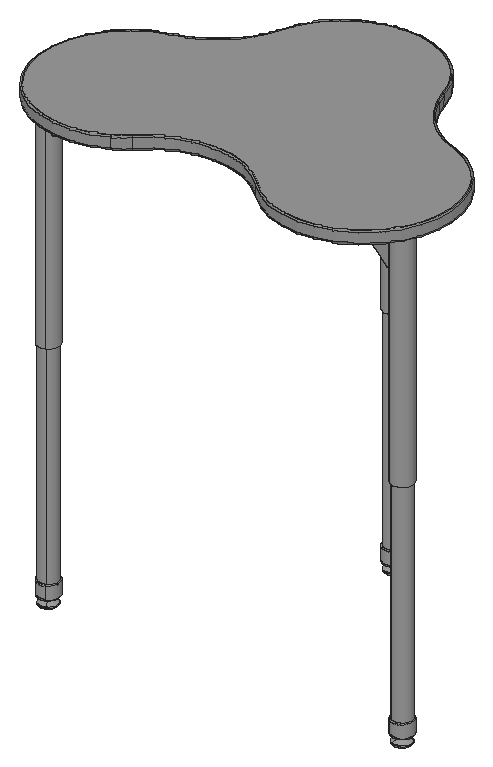
Revit family "Hierarchy Cloud 9 Small Desk - Standing Height", category Furniture, Revit 2018
Family settings
  Work Plane-Based = No
  Always vertical = Yes
  Cut with Voids When Loaded = No
  Shared = No
  Room Calculation Point = No
Parameters
  Table Height = 3' - 5"
  Surface = Hierarchy Cloud 9 Small Desk Standing Surface
  Leg Finish = Hierarchy Leg Platinum
  Edgeband = Hierarchy Cloud 9 Small Desk Standing Edgeband
  Caster/Glide = Hierarchy Standing Leg - Glide : Hierarchy Standing Leg - Glide
Reference planes
  plane 1 "Center (Front/Back)": y = 0
  plane 2: z = 0
  plane 3 "Center (Left/Right)": x = 0
  plane 4 "Table Height": z = 1041.4
Dimensions and locks
  "Table Height": plane 4 "Table Height" to level
  aligned and locked: plane 2 to level
  aligned and locked: nested 1 to plane 4 "Table Height"
Nested families
  nested 1: "Cloud 9 Small Tabletop" at (0, 0, 335.445), type "Cloud 9 Small Tabletop"
  nested 2: "Hierarchy Standing Leg - Glide" at (-400.129, -201.076, 0) x (-0.4871, 0.8734, 0) z (0, 0, 1), Leg Height <- "Table Height", type <- "Caster/Glide", Leg Finish <- "Leg Finish", type "Hierarchy Standing Leg - Glide"
  nested 3: "Hierarchy Standing Leg - Glide" at (0, 275.102, 0), Leg Finish <- "Leg Finish", Leg Height <- "Table Height", type "Hierarchy Standing Leg - Glide"
    with Leg Height 3' - 5", Leg Finish Hierarchy Leg Platinum
  nested 4: "Hierarchy Standing Leg - Glide" at (400.129, -201.076, 0) x (0.4871, 0.8734, 0) z (0, 0, 1), Leg Height <- "Table Height", type <- "Caster/Glide", Leg Finish <- "Leg Finish", type "Hierarchy Standing Leg - Glide"
Definition of nested family "Cloud 9 Small Tabletop"
  Parameters (values of type "Cloud 9 Small Tabletop")
    Surface = none
    Edgeband = none
  Reference planes
    plane 1 "Center (Front/Back)": y = 0
    plane 2: z = 0
    plane 3 "Center (Left/Right)": x = 0
  Forms (mm)
    Extrusion 1, solid, material <- "Surface"
      sketch origin (53.224, -154.138, 0) x (1, 0, 0) y (0, 1, 0)
        loop
          arc (-233.074, -143.809) -> (-218.191, -134.126) -> (-204.781, -122.489) r 128.841
          arc (-204.781, -122.489) -> (-64.077, -61.869) -> (77.873, -119.511) r 198.469
          arc (77.873, -119.511) -> (373.118, -84.137) -> (270.899, 195.098) r 189.618
          arc (270.899, 195.098) -> (193.335, 237.04) -> (141.596, 308.443) r 198.461
          arc (141.596, 308.443) -> (136.305, 322.027) -> (131.148, 335.662) r 1492.15
          arc (131.148, 335.662) -> (-53.224, 476.061) -> (-237.596, 335.662) r 191.257
          arc (-237.596, 335.662) -> (-242.753, 322.027) -> (-248.044, 308.443) r 1492.15
          arc (-248.044, 308.443) -> (-300.697, 243.586) -> (-375.084, 205.568) r 202.08
          arc (-375.084, 205.568) -> (-501.451, -49.345) -> (-233.074, -143.809) r 189.975
      from 705.955 to 734.53
    Sweep 2, solid, material <- "Edgeband"
      path in 3D
        loop
          arc (184.372, 181.524, 734.53) -> (189.529, 167.889, 734.53) -> (194.82, 154.305, 734.53) r 1492.15
          arc (194.82, 154.305, 734.53) -> (246.559, 82.902, 734.53) -> (324.123, 40.96, 734.53) r 198.461
          arc (324.123, 40.96, 734.53) -> (426.342, -238.275, 734.53) -> (131.097, -273.649, 734.53) r 189.618
          arc (131.097, -273.649, 734.53) -> (-10.853, -216.007, 734.53) -> (-151.557, -276.627, 734.53) r 198.469
          arc (-151.557, -276.627, 734.53) -> (-164.967, -288.264, 734.53) -> (-179.85, -297.946, 734.53) r 128.841
          arc (-179.85, -297.946, 734.53) -> (-448.227, -203.483, 734.53) -> (-321.86, 51.43, 734.53) r 189.975
          arc (-321.86, 51.43, 734.53) -> (-247.473, 89.449, 734.53) -> (-194.82, 154.305, 734.53) r 202.08
          arc (-194.82, 154.305, 734.53) -> (-189.529, 167.889, 734.53) -> (-184.372, 181.524, 734.53) r 1492.15
          arc (-184.372, 181.524, 734.53) -> (0, 321.923, 734.53) -> (184.372, 181.524, 734.53) r 191.257
      profile origin (0, 321.923, 734.53) x (0, 1, 0) y (0, 0, 1)
        loop
          line (0, 0) -> (0, -28.575)
          arc (0, -28.575) -> (2.295, -27.624) -> (3.245, -25.33) r 3.245
          line (3.245, -25.33) -> (3.245, -3.245)
          arc (3.245, -3.245) -> (2.295, -0.951) -> (0, 0) r 3.245
  Lines and regions (mm)
    sketch lines
      curve 1: arc (-184.372, 181.524, 734.53) -> (0, 321.923, 734.53) -> (184.372, 181.524, 734.53) r 191.257
      curve 2: arc (-194.82, 154.305, 734.53) -> (-189.529, 167.889, 734.53) -> (-184.372, 181.524, 734.53) r 1492.15
      curve 3: arc (-321.86, 51.43, 734.53) -> (-247.473, 89.449, 734.53) -> (-194.82, 154.305, 734.53) r 202.08
      curve 4: arc (-179.85, -297.946, 734.53) -> (-448.227, -203.483, 734.53) -> (-321.86, 51.43, 734.53) r 189.975
      curve 5: arc (131.097, -273.649, 734.53) -> (-10.853, -216.007, 734.53) -> (-151.557, -276.627, 734.53) r 198.469
      curve 6: arc (324.123, 40.96, 734.53) -> (426.342, -238.275, 734.53) -> (131.097, -273.649, 734.53) r 189.618
      curve 7: arc (194.82, 154.305, 734.53) -> (246.559, 82.902, 734.53) -> (324.123, 40.96, 734.53) r 198.461
      curve 8: arc (184.372, 181.524, 734.53) -> (189.529, 167.889, 734.53) -> (194.82, 154.305, 734.53) r 1492.15
      curve 9: arc (-151.557, -276.627, 734.53) -> (-164.967, -288.264, 734.53) -> (-179.85, -297.946, 734.53) r 128.841
  Dimensions and locks
    aligned and locked: plane 2 to level
Definition of nested family "Hierarchy Standing Leg - Glide"
  Parameters (values of type "Hierarchy Standing Leg - Glide")
    Leg Finish [instance] = none
    Leg Height [instance] = 3' - 5"
  Reference planes
    plane 1 "Center (Front/Back)": y = 0
    plane 2: z = 0
    plane 3 "Center (Left/Right)": x = 0
  Forms (mm)
    Extrusion 1, solid
      sketch origin (-0.397, 0, 0) x (1, 0, 0) y (0, 1, 0)
        loop
          circle (0.397, 0) r 20.103
      from 50.8 to 588.645
    Revolve 2, solid
      sketch origin (0, 0, 0) x (1, 0, 0) y (0, 0, 1)
        loop
          line (0, 50.8) -> (0, 19.034) -> (21.549, 19.034)
          arc (21.549, 19.034) -> (22.693, 19.508) -> (23.167, 20.652) r 1.618
          line (23.167, 20.652) -> (23.167, 49.182)
          arc (23.167, 49.182) -> (22.693, 50.326) -> (21.549, 50.8) r 1.618
          line (21.549, 50.8) -> (0, 50.8)
        axis (0, 50.8) -> (0, 19.034)
      angle from 0 to 360
    Revolve 3, solid
      sketch origin (0, 0, 0) x (1, 0, 0) y (0, 0, 1)
        loop
          line (0, 19.05) -> (0, 0) -> (18.944, 0) -> (20.103, 2.289) -> (20.103, 4.125) -> (3.168, 12.7) -> (3.168, 19.05) -> (0, 19.05)
        axis (0, 19.05) -> (0, 0)
      angle from 0 to 360
  Dimensions and locks
    "Leg Height": nested 1 to level
    aligned and locked: plane 2 to level
  Automatic sketch dimensions
    plane 1 "Center (Front/Back)" to Extrusion 1 sketch curve = 0' - 0"
    Extrusion 1 sketch curve to plane 3 "Center (Left/Right)" = 0' - 0"
    Revolve 2 sketch curve to plane 3 "Center (Left/Right)" = 0' - 0"  (x2)
    plane 3 "Center (Left/Right)" to Revolve 2 sketch curve = 0' - 0.84838"
    Revolve 2 sketch curve to Revolve 2 sketch curve = 0' - 0.84838"
    Revolve 2 sketch curve to Revolve 2 sketch curve = 0' - 0.06369"
    level to Revolve 2 sketch curve = 0' - 0.74937"
    Revolve 2 sketch curve to Revolve 2 sketch curve = 0' - 1.12324"
    Revolve 2 sketch curve to Revolve 2 sketch curve = 0' - 0.13731"
    Revolve 2 sketch curve to Revolve 2 sketch curve = 0' - 0 3/4"
    Revolve 3 sketch curve to plane 3 "Center (Left/Right)" = 0' - 0"  (x2)
    Revolve 3 sketch curve to level = 0' - 0"
    plane 3 "Center (Left/Right)" to Revolve 3 sketch curve = 0' - 0.12474"
    plane 3 "Center (Left/Right)" to Revolve 3 sketch curve = 0' - 0.74583"
    Revolve 3 sketch curve to Revolve 3 sketch curve = 0' - 0.04564"
    level to Revolve 3 sketch curve = 0' - 0.09013"
    Revolve 3 sketch curve to Revolve 3 sketch curve = 0' - 0.07228"
    level to Revolve 3 sketch curve = 0' - 0 1/2"
    Revolve 3 sketch curve to Revolve 3 sketch curve = 0' - 0 1/4"
    Revolve 3 sketch curve to level = 0' - 0 1/8"
    Revolve 3 sketch curve to Revolve 3 sketch curve = 0' - 0 1/8"
    radius of Extrusion 1 sketch curve = 0' - 0.79147"
  Nested families
    nested 1: "Hierarchy Standing Upper Leg 2023" at (0, 0, 5.076), Leg Finish <- "Leg Finish", type "Hierarchy Standing Upper Leg 2023"
      with Leg Finish none
  Definition of nested family "Hierarchy Standing Upper Leg 2023"
    Parameters (values of type "Hierarchy Standing Upper Leg 2023")
      Leg Finish [instance] = none
    Reference planes
      plane 1 "Center (Front/Back)": y = 0
      plane 2: z = 0
      plane 3 "Center (Left/Right)": x = 0
    Forms (mm)
      Extrusion 1, solid, material <- "Leg Finish"
        sketch origin (0, 0, 0) x (1, 0, 0) y (0, 1, 0)
          loop
            circle (0, 0) r 23.188
        from 525.124 to 1033.124
      Extrusion 2, solid, material <- "Leg Finish"
        sketch origin (0, 0, 330.149) x (1, 0, 0) y (0, 1, 0)
          loop
            line (-43.224, 4.873) -> (-100.739, -114.233)
            arc (-100.739, -114.233) -> (-99.562, -135.495) -> (-80.928, -145.8) r 22
            line (-80.928, -145.8) -> (80.928, -145.8)
            arc (80.928, -145.8) -> (99.562, -135.495) -> (100.739, -114.233) r 22
            line (100.739, -114.233) -> (43.224, 4.873)
            arc (43.224, 4.873) -> (0, 32) -> (-43.224, 4.873) r 48
        from 702.975 to 706.175
      Extrusion 3, solid, material <- "Leg Finish"
        sketch origin (315.46, 40.308, 0) x (0.434844, 0.900506, 0) y (0, 0, 1)
          loop
            arc (-322.269, 1033.124) -> (-325.262, 1030.33) -> (-322.68, 1027.153) r 3
            arc (-322.68, 1027.153) -> (-253.541, 1004.191) -> (-197.212, 957.99) r 200
            arc (-197.212, 957.99) -> (-193.889, 957.106) -> (-191.919, 959.924) r 3
            line (-191.919, 959.924) -> (-191.919, 1033.124) -> (-322.269, 1033.124)
        from -282.188 to -278.988
      Extrusion 4, solid, material <- "Leg Finish"
        sketch origin (-315.46, 40.308, 0) x (-0.434844, 0.900506, 0) y (0, 0, -1)
          loop
            line (-322.269, -1033.124) -> (-191.919, -1033.124) -> (-191.919, -959.924)
            arc (-191.919, -959.924) -> (-193.889, -957.106) -> (-197.212, -957.99) r 3
            arc (-197.212, -957.99) -> (-253.541, -1004.191) -> (-322.68, -1027.153) r 200
            arc (-322.68, -1027.153) -> (-325.262, -1030.33) -> (-322.269, -1033.124) r 3
        from -282.188 to -278.988
    Dimensions and locks
      aligned and locked: plane 2 to level
